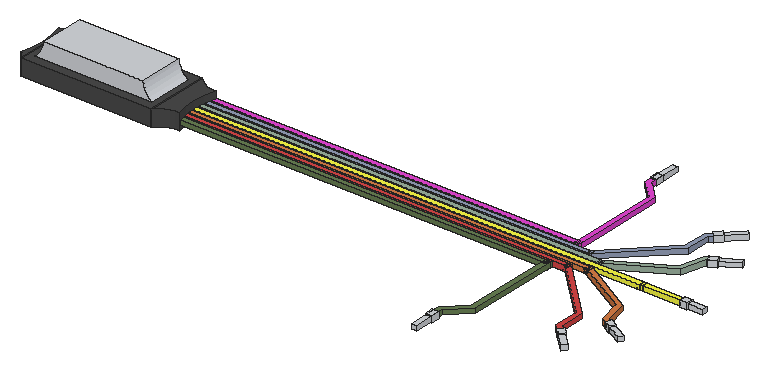
Revit family "Occupancy Detection Interface Unit _441", category Electrical Fixtures, Revit 2018
Family settings
  Maintain Annotation Orientation = No
  Round Connector Dimension = Use Diameter
  Part Type = Normal
  OmniClass Number = 23.80.00.00
  OmniClass Title = Electric Power and Lighting
  Work Plane-Based = Yes
  Always vertical = No
  Cut with Voids When Loaded = No
  Shared = No
  Room Calculation Point = No
Parameters (values of type "Occupancy Detection Interface Unit")
  Weight = "12 g"
  Voltage at T1: = "5 V nominal with input open,\r\nmust be less than 1 V closed."
  Toolbox: = "2.2.12 or later"
  Storage temperature = "−10 °C to +70 °C"
  Short-circuit current = "1 mA max."
  Sensor supply = "12 V @ 15 mA max. (nonisolated)\r\n0 V supply, common to input 0 V"
  Safety = "EN 60950"
  Relative humidity = "Max. 90 %, noncondensing"
  Overload protection = "± 7 V"
  Model = "441"
  Manufacturer = "Helvar"
  IP code: = "IP20"
  Environment = "Complies with WEEE and RoHS\r\ndirectives."
  EMC immunity = "EN 61547"
  EMC emission = "EN 55015"
  Dimensions: = "50 mm × 20 mm × 10 mm"
  Designer: = "4.1 or later"
  Default Elevation = 0 mm
  Debounce period = "50 ms"
  DALI/switch/power = ": Ribbon cable terminated with\r\n7 ferrules\r\nFerrule pin ⌀ 1.2 mm\r\nNote: To avoid interference\r\nproblems, the connections must\r\nnot be increased in length."
  DALI consumption = "10 mA + sensor supply mA ≤ 25 mA max."
  Connections: = "0 V input ground.\r\n1 sensor input (normally closed).\r\n2 for future use. Do not connect"
  COLOUR MAPPING = "0V:Brown\r\nT1:Red\r\nT2:Orange\r\n+12V:Yellow\r\n0V:Green\r\nDA+:Blue\r\nDA-:Violet"
  Ambient temperature = "0 °C to +50 °C"
Reference planes
  plane 1 "Center (Front/Back)": y = 0
  plane 2: z = 0
  plane 3 "Center (Left/Right)": x = 0
  plane 4: x = 160
  plane 5: x = 115
  plane 6: x = 120
  plane 7: x = 125
  plane 8: y = 6.259
  plane 9: y = -6.259
  plane 10: y = 4.143
  plane 11: y = 2.01
  plane 12: x = 140
  plane 13: y = -2.01
  plane 14: y = -4.143
  plane 15: x = 160
  plane 16: x = -50
  plane 17: z = 10
Forms (mm)
  Extrusion 1, solid, material "WIRE A."
    sketch origin (0, 0, 0) x (1, 0, 0) y (0, 1, 0)
      loop
        arc (-0.269, 7.009) -> (-0.519, 6.213) -> (-0.738, 5.409) r 22.33
        line (-0.738, 5.409) -> (115, 5.409) -> (115, 7.009) -> (-0.269, 7.009)
    from 1.5 to 3
  Sweep 2, solid, material "WIRE A."
    path origin (115, 6.259, 0) x (0, 1, 0) y (-1, 0, 0)
      loop
        line (0, 0) -> (28.868, 0) -> (34.407, 5.54) -> (36.488, 5.54)
    profile origin (115, 20.693, 0) x (-1, 0, 0) y (0, 0, 1)
      loop
        line (-0.85, 3) -> (-0.85, 1.5) -> (0.75, 1.5) -> (0.75, 3) -> (-0.85, 3)
  Sweep 3, solid, material "WIRE B."
    path origin (120, 4.143, 0) x (0.707107, 0.707107, 0) y (-0.707107, 0.707107, 0)
      loop
        line (0, 0) -> (24.316, 0) -> (29.641, 5.325) -> (31.427, 5.325)
    profile origin (128.597, 12.74, 0) x (-0.707107, 0.707107, 0) y (0, 0, 1)
      loop
        line (-0.85, 3) -> (-0.85, 1.5) -> (0.75, 1.5) -> (0.75, 3) -> (-0.85, 3)
  Extrusion 4, solid
    sketch origin (115.85, 6.259, 3) x (0, 1, 0) y (-1, 0, 0)
      loop
        line (36.488, 7.14) -> (36.488, 5.54) -> (39.488, 5.54) -> (45, 5.54) -> (45, 7.14) -> (39.488, 7.14) -> (36.488, 7.14)
    from -1.5 to 0
  Extrusion 5, solid
    sketch origin (108.71, 51.259, 3) x (1, 0, 0) y (0, 0, -1)
      loop
        line (1.8, -0.2) -> (1.8, 1.7) -> (-0.2, 1.7) -> (-0.2, -0.2) -> (1.8, -0.2)
      loop
        line (1.6, 0) -> (1.6, 1.5) -> (0, 1.5) -> (0, 0) -> (1.6, 0)
    from -8.512 to -6.08
  Extrusion 6, solid
    sketch origin (120.601, 3.542, 3) x (0.707107, 0.707107, 0) y (-0.707107, 0.707107, 0)
      loop
        line (31.427, 6.925) -> (31.427, 5.325) -> (40, 5.325) -> (40, 6.925) -> (31.427, 6.925)
    from -1.5 to 0
  Extrusion 7, solid
    sketch origin (143.988, 36.724, 3) x (0.707107, -0.707107, 0) y (0, 0, -1)
      loop
        line (1.6, 0) -> (1.6, 1.5) -> (0, 1.5) -> (0, 0) -> (1.6, 0)
      loop
        line (1.8, -0.2) -> (1.8, 1.7) -> (-0.2, 1.7) -> (-0.2, -0.2) -> (1.8, -0.2)
    from -8.573 to -6.08
  Sweep 8, solid, material "WIRE C."
    path origin (125, 2.01, 3) x (0.866025, 0.5, 0) y (-0.5, 0.866025, 0)
      loop
        line (0, 0) -> (20, 0) -> (25.379, 5.379) -> (26.488, 5.379)
    profile origin (133.66, 7.01, 3) x (-0.5, 0.866025, 0) y (0, 0, 1)
      loop
        line (-0.85, 0) -> (-0.85, -1.5) -> (0.75, -1.5) -> (0.75, 0) -> (-0.85, 0)
  Extrusion 9, solid
    sketch origin (145.249, 19.913, 3) x (0, 0, 1) y (0.5, -0.866025, 0)
      loop
        line (0, 0.85) -> (-1.5, 0.85) -> (-1.5, -0.75) -> (0, -0.75) -> (0, 0.85)
      loop
        line (0.2, -0.95) -> (0.2, 1.05) -> (-1.7, 1.05) -> (-1.7, -0.95) -> (0.2, -0.95)
    from -0.061 to 2.432
  Sweep 10, solid, material "WIRE D."
    path origin (140, 0, 3) x (1, 0, 0) y (0, 1, 0)
      loop
        line (0, 0) -> (12.701, 0)
    profile origin (146.351, 0, 3) x (0, 1, 0) y (0, 0, 1)
      loop
        line (-0.864, 0) -> (-0.864, -1.5) -> (0.736, -1.5) -> (0.736, 0) -> (-0.864, 0)
  Extrusion 11, solid
    sketch origin (152.701, 0, 3) x (0, 0, 1) y (0, -1, 0)
      loop
        line (0, 0.864) -> (-1.5, 0.864) -> (-1.5, -0.736) -> (0, -0.736) -> (0, 0.864)
      loop
        line (0.2, -0.936) -> (0.2, 1.064) -> (-1.7, 1.064) -> (-1.7, -0.936) -> (0.2, -0.936)
    from 0 to 2.5
  Sweep 12, solid, material "WIRE E."
    path origin (125, -2.01, 3) x (0.866025, -0.5, 0) y (0.5, 0.866025, 0)
      loop
        line (0, 0) -> (20.352, 0) -> (25.681, -5.329) -> (27.322, -5.329)
    profile origin (133.813, -7.098, 3) x (0.5, 0.866025, 0) y (0, 0, 1)
      loop
        line (-0.85, 0) -> (-0.85, -1.5) -> (0.75, -1.5) -> (0.75, 0) -> (-0.85, 0)
  Extrusion 13, solid
    sketch origin (145.997, -20.286, 3) x (0, 0, 1) y (-0.5, -0.866025, 0)
      loop
        line (0, 0.85) -> (-1.5, 0.85) -> (-1.5, -0.75) -> (0, -0.75) -> (0, 0.85)
      loop
        line (0.2, -0.95) -> (0.2, 1.05) -> (-1.7, 1.05) -> (-1.7, -0.95) -> (0.2, -0.95)
    from -0.435 to 2.077
  Sweep 14, solid, material "WIRE F."
    path origin (120, -4.143, 3) x (0.707107, -0.707107, 0) y (0.707107, 0.707107, 0)
      loop
        line (0, 0) -> (24.668, 0) -> (29.993, -5.325) -> (31.929, -5.325)
    profile origin (128.721, -12.865, 3) x (0.707107, 0.707107, 0) y (0, 0, 1)
      loop
        line (-0.85, 0) -> (-0.85, -1.5) -> (0.75, -1.5) -> (0.75, 0) -> (-0.85, 0)
  Extrusion 15, solid
    sketch origin (138.812, -30.486, 3) x (0, 0, 1) y (-0.707107, -0.707107, 0)
      loop
        line (0, 0.85) -> (-1.5, 0.85) -> (-1.5, -0.75) -> (0, -0.75) -> (0, 0.85)
      loop
        line (0.2, -0.95) -> (0.2, 1.05) -> (-1.7, 1.05) -> (-1.7, -0.95) -> (0.2, -0.95)
    from -0.042 to 2.47
  Sweep 16, solid, material "WIRE G."
    path origin (115, -6.259, 3) x (0, -1, 0) y (1, 0, 0)
      loop
        line (0, 0) -> (28.678, 0) -> (34.608, -5.929) -> (36.488, -5.929)
    profile origin (115, -20.598, 3) x (1, 0, 0) y (0, 0, 1)
      loop
        line (-0.75, 0) -> (-0.75, -1.5) -> (0.85, -1.5) -> (0.85, 0) -> (-0.75, 0)
  Extrusion 17, solid
    sketch origin (109.071, -42.747, 3) x (0, 0, 1) y (-1, 0, 0)
      loop
        line (0, 0.75) -> (-1.5, 0.75) -> (-1.5, -0.85) -> (0, -0.85) -> (0, 0.75)
      loop
        line (0.2, 0.95) -> (-1.7, 0.95) -> (-1.7, -1.05) -> (0.2, -1.05) -> (0.2, 0.95)
    from 0 to 2.691
  Extrusion 18, solid
    sketch origin (145.249, 19.913, 3) x (0, 0, 1) y (0.5, -0.866025, 0)
      loop
        line (0, 0.85) -> (-1.5, 0.85) -> (-1.5, -0.75) -> (0, -0.75) -> (0, 0.85)
    from -0.061 to 8.512
  Extrusion 19, solid
    sketch origin (152.701, 0, 3) x (0, 0, 1) y (0, -1, 0)
      loop
        line (0, 0.864) -> (-1.5, 0.864) -> (-1.5, -0.736) -> (0, -0.736) -> (0, 0.864)
    from 0 to 7.28
  Extrusion 20, solid
    sketch origin (145.997, -20.286, 3) x (0, 0, 1) y (-0.5, -0.866025, 0)
      loop
        line (0, 0.85) -> (-1.5, 0.85) -> (-1.5, -0.75) -> (0, -0.75) -> (0, 0.85)
    from 0 to 7.678
  Extrusion 21, solid
    sketch origin (138.812, -30.486, 3) x (0, 0, 1) y (-0.707107, -0.707107, 0)
      loop
        line (0, 0.85) -> (-1.5, 0.85) -> (-1.5, -0.75) -> (0, -0.75) -> (0, 0.85)
    from -0.042 to 8.071
  Extrusion 22, solid
    sketch origin (109.071, -42.747, 3) x (0, 0, 1) y (-1, 0, 0)
      loop
        line (0, 0.75) -> (-1.5, 0.75) -> (-1.5, -0.85) -> (0, -0.85) -> (0, 0.75)
    from 0 to 8.512
  Extrusion 23, solid, material "WIRE B."
    sketch origin (0, 0, 5) x (1, 0, 0) y (0, 1, 0)
      loop
        line (120, 4.893) -> (-0.741, 4.893)
        arc (-0.741, 4.893) -> (-0.882, 4.096) -> (-0.994, 3.293) r 22.33
        line (-0.994, 3.293) -> (120, 3.293) -> (120, 4.893)
    from -3.5 to -2
  Extrusion 24, solid, material "WIRE C."
    sketch origin (0, 0, 5) x (1, 0, 0) y (0, 1, 0)
      loop
        line (125, 2.763) -> (-1.116, 2.763)
        arc (-1.116, 2.763) -> (-1.223, 1.963) -> (-1.301, 1.16) r 22.277
        line (-1.301, 1.16) -> (125, 1.16) -> (125, 2.763)
    from -3.5 to -2
  Extrusion 25, solid, material "WIRE D."
    sketch origin (0, 0, 5) x (1, 0, 0) y (0, 1, 0)
      loop
        line (140, 0.736) -> (-1.205, 0.736)
        arc (-1.205, 0.736) -> (-1.332, -0.06) -> (-1.43, -0.86) r 22.122
        line (-1.43, -0.86) -> (140, -0.86) -> (140, 0.736)
    from -3.5 to -2
  Extrusion 26, solid, material "WIRE E."
    sketch origin (0, 0, 5) x (1, 0, 0) y (0, 1, 0)
      loop
        line (125, -1.26) -> (-1.166, -1.26)
        arc (-1.166, -1.26) -> (-1.261, -2.059) -> (-1.328, -2.861) r 22.036
        line (-1.328, -2.861) -> (125, -2.861) -> (125, -1.26)
    from -3.5 to -2
  Extrusion 27, solid, material "WIRE F."
    sketch origin (0, 0, 5) x (1, 0, 0) y (0, 1, 0)
      loop
        line (120, -3.392) -> (-0.96, -3.392)
        arc (-0.96, -3.392) -> (-0.783, -4.196) -> (-0.577, -4.993) r 22.33
        line (-0.577, -4.993) -> (120, -4.993) -> (120, -3.392)
    from -3.5 to -2
  Extrusion 28, solid, material "WIRE G."
    sketch origin (0, 0, 0) x (1, 0, 0) y (0, 1, 0)
      loop
        arc (-0.395, -5.409) -> (-0.287, -6.211) -> (-0.15, -7.009) r 22.33
        line (-0.15, -7.009) -> (115, -7.009) -> (115, -5.409) -> (-0.395, -5.409)
    from 1.5 to 3
  Extrusion 29, solid, material "BLACK MATERIAL"
    sketch origin (-50, 0, 0) x (1, 0, 0) y (0, 1, 0)
      loop
        line (2.15, 10) -> (2.15, -10) -> (43.242, -10) -> (43.242, 10) -> (2.15, 10)
    from 0 to 5
  Extrusion 30, solid, material "BLACK MATERIAL"
    sketch origin (-50, 0, 0) x (1, 0, 0) y (0, 1, 0)
      loop
        arc (0, 7.5) -> (1.244, 0) -> (0, -7.5) r 23.239
        arc (0, -7.5) -> (1.399, -8.472) -> (2.15, -10) r 3.399
        line (2.15, -10) -> (2.15, 10)
        arc (2.15, 10) -> (1.399, 8.472) -> (0, 7.5) r 3.399
    from 0 to 5
  Extrusion 31, solid, material "BLACK MATERIAL"
    sketch origin (-40, 0, 0) x (1, 0, 0) y (0, 1, 0)
      loop
        line (33.242, 10) -> (33.242, -10)
        arc (33.242, -10) -> (36.275, -7.724) -> (40, -7.009) r 8.421
        arc (40, -7.009) -> (38.871, 0) -> (40, 7.009) r 22.33
        arc (40, 7.009) -> (36.275, 7.724) -> (33.242, 10) r 8.421
    from 0 to 5
  Extrusion 32, solid
    sketch origin (-50, 0, 0) x (1, 0, 0) y (0, 0, 1)
      loop
        arc (7.125, 10) -> (6.237, 7.179) -> (4.238, 5) r 6.813
        line (4.238, 5) -> (41.154, 5)
        arc (41.154, 5) -> (39.155, 7.179) -> (38.268, 10) r 6.813
        line (38.268, 10) -> (7.125, 10)
    from -7.009 to 7.009
  Extrusion 33, solid, material "WIRE A."
    sketch origin (0, 0, 3) x (1, 0, 0) y (0, 1, 0)
      loop
        line (114.25, 7.009) -> (114.25, 5.409) -> (115.85, 5.409) -> (115.85, 7.009) -> (114.25, 7.009)
    from -1.5 to 0
  Extrusion 34, solid, material "WIRE B."
    sketch origin (0, 0, 3) x (1, 0, 0) y (0, 1, 0)
      loop
        line (119.25, 4.893) -> (119.25, 3.293) -> (120.85, 3.293) -> (120.85, 4.893) -> (119.25, 4.893)
    from -1.5 to 0
  Extrusion 35, solid, material "WIRE C."
    sketch origin (0, 0, 3) x (1, 0, 0) y (0, 1, 0)
      loop
        line (124.25, 2.763) -> (124.25, 1.16) -> (125.85, 1.16) -> (125.85, 2.763) -> (124.25, 2.763)
    from -1.5 to 0
  Extrusion 36, solid, material "WIRE D."
    sketch origin (0, 0, 3) x (1, 0, 0) y (0, 1, 0)
      loop
        line (139.264, 0.736) -> (139.264, -0.86) -> (140.864, -0.86) -> (140.864, 0.736) -> (139.264, 0.736)
    from -1.5 to 0
  Extrusion 37, solid, material "WIRE E."
    sketch origin (0, 0, 3) x (1, 0, 0) y (0, 1, 0)
      loop
        line (124.15, -2.861) -> (125.75, -2.861) -> (125.75, -1.26) -> (124.15, -1.26) -> (124.15, -2.861)
    from -1.5 to 0
  Extrusion 38, solid, material "WIRE F."
    sketch origin (0, 0, 3) x (1, 0, 0) y (0, 1, 0)
      loop
        line (119.15, -4.993) -> (120.75, -4.993) -> (120.75, -3.392) -> (119.15, -3.392) -> (119.15, -4.993)
    from -1.5 to 0
  Extrusion 39, solid, material "WIRE G."
    sketch origin (0, 0, 3) x (1, 0, 0) y (0, 1, 0)
      loop
        line (114.25, -7.009) -> (115.85, -7.009) -> (115.85, -5.409) -> (114.25, -5.409) -> (114.25, -7.009)
    from -1.5 to 0
Lines and regions (mm)
  reference lines
    curve 1: line (115, 6.259, 0) -> (115, 25.194, 0)
    curve 2: line (120, 4.143, 0) -> (132.949, 17.092, 0)
    curve 3: line (125, 2.01, 3) -> (137.326, 9.126, 3)
    curve 4: line (140, 0, 3) -> (157.557, 0, 3)
    curve 5: line (125, -2.01, 3) -> (135.944, -8.329, 3)
    curve 6: line (120, -4.143, 3) -> (130.607, -14.75, 3)
    curve 7: line (115, -6.259, 3) -> (115, -20.029, 3)
Dimensions and locks
  plane 16 to plane 15 = 210 mm
  plane 16 to plane 3 "Center (Left/Right)" = 50 mm
  angle plane 8 to curve 1 = 90.00°
  angle plane 10 to curve 2 = 45.00°
  angle plane 11 to curve 3 = 30.00°
  angle plane 1 "Center (Front/Back)" to curve 4 = 0.00°
  angle curve 5 to plane 13 = 30.00°
  angle curve 6 to plane 14 = 45.00°
  angle curve 7 to plane 9 = 90.00°
  aligned and locked: level to plane 2
  aligned and locked: Extrusion 1 to plane 5
